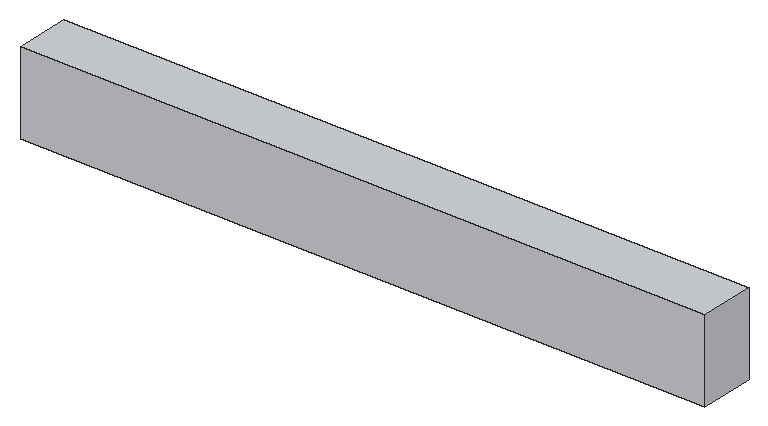
Revit family "StructuralFraming_FreeformProfile", category Structural Framing, Revit 2018
Family settings
  Structural Framing Length Roundoff = 1 mm
  Section Shape = User Defined
  Material for Model Behavior = Other
  Always export as geometry = No
  Always vertical = Yes
  Cut with Voids When Loaded = No
  Symbolic Representation = From Family
  Shared = No
  Show family pre-cut in plan views = Yes
Parameters (values of type "FreeformProfile")
  Structural Material [instance] = none
  Length [instance] = 3000 mm
Reference planes
  plane 1 "Center (Front/Back)": y = 0
  plane 2 "Center Elevation": z = 0
  plane 3 "Center (Left/Right)": x = 0
  plane 4 "Left": x = -1500
  plane 5 "Member Left": x = -1250
  plane 6 "Stick Symbol Left": x = -1000
  plane 7 "Right": x = 1500
  plane 8 "Member Right": x = 1250
  plane 9 "Stick Symbol Right": x = 1000
  plane 10: y = 100
  plane 11: y = -100
  plane 12: z = 150
  plane 13: z = -150
Forms (mm)
  Extrusion 1, solid, material <- "Structural Material", detail levels medium+fine
    sketch origin (0, 0, 0) x (0, 1, 0) y (0, 0, 1)
      loop
        line (100, 150) -> (-100, 150) -> (-100, -150) -> (100, -150) -> (100, 150)
    from -1250 to 1250
Lines and regions (mm)
  model lines, style "Stick Symbols", detail levels coarse
    curve 1: line (-1000, 0, 0) -> (1000, 0, 0)
Dimensions and locks
  equal spacing: plane 4 "Left", plane 3 "Center (Left/Right)", plane 7 "Right"
  "Length": plane 4 "Left" to plane 7 "Right"
  aligned and locked: plane 10 to Extrusion 1 sketch curve
  aligned and locked: plane 13 to Extrusion 1 sketch curve
  aligned and locked: Extrusion 1 sketch curve to plane 11
  aligned and locked: plane 5 "Member Left" to Extrusion 1
  aligned and locked: Extrusion 1 to plane 8 "Member Right"
  aligned and locked: plane 1 "Center (Front/Back)" to curve 1
  aligned and locked: plane 6 "Stick Symbol Left" to curve 1
  aligned and locked: plane 9 "Stick Symbol Right" to curve 1
  aligned and locked: level to plane 2 "Center Elevation"
Automatic sketch dimensions
  Extrusion 1 sketch curve to plane 12 = 0 mm
